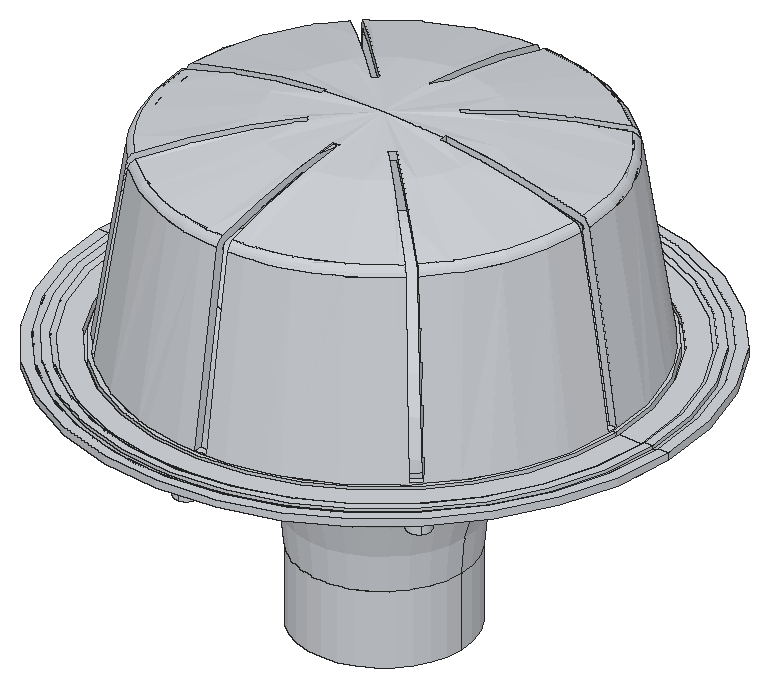
Revit family "R1204-HF", category Plumbing Fixtures, Revit 2023
Family settings
  Round Connector Dimension = Use Diameter
  Part Type = Normal
  OmniClass Number = 23.45.00.00
  OmniClass Title = Sanitary, Laundry, and Cleaning Equipment
  Work Plane-Based = No
  Enable Cutting in Views = No
  Always vertical = Yes
  Cut with Voids When Loaded = No
  Maintain Annotation Orientation = No
  Shared = No
  Room Calculation Point = No
Parameters (values of type "R1204-HF")
  Y = 0' - 7"
  R = 0' - 2.87693"
  PIPE SIZE = 0' - 4 3/8"
  D = 1' - 0 3/4"
  C = 0' - 7"
  Default Elevation = 0' - 0"
  B = 1' - 1.04891"
  A = 1' - 4"
Types (5): name | PIPE SIZE | C | B
  (no name) | 0' - 4 3/8" | 0' - 7" | 1' - 1.04891"
  R1203-HF | 0' - 3 45/128" | 0' - 7" | 1' - 1"
  R1204-HF | 0' - 4 3/8" | 0' - 7" | 1' - 1.04891"
  R1206-HF | 0' - 6 77/256" | 0' - 7 1/2" | 1' - 1.04891"
  R1208-HF | 0' - 8 3/8" | 0' - 7 1/2" | 1' - 1.04891"
Reference planes (in)
  plane 1 "Center (Front/Back)": y = 0
  plane 2: z = 0
  plane 3 "Center (Left/Right)": x = 0
  plane 4: z = -7
  plane 5: x = 2.1875
  plane 6: x = -2.1875
  plane 7: x = 2.01752
  plane 8: x = 8
  plane 9: x = -8
  plane 10: z = 5.75
  plane 11: z = -0.22572
  plane 12: x = -6.52446
  plane 13: x = 6.52446
Forms (in)
  Revolve 1, solid
    sketch origin (0, 0, 0) x (1, 0, 0) y (0, 0, 1)
      loop
        line (2.01752, -7) -> (2.1875, -7) -> (2.1875, -5.0801)
        arc (2.1875, -5.0801) -> (3.55097, -1.7884) -> (6.84266, -0.42494) r 4.65516
        line (6.84266, -0.42494) -> (7.24632, -0.42494) -> (7.76684, -0.19922) -> (8, -0.19922) -> (8, 0) -> (7.7255, 0) -> (7.20498, -0.22572) -> (6.8719, -0.22572)
        arc (6.8719, -0.22572) -> (3.43933, -1.64753) -> (2.01752, -5.0801) r 4.85438
        line (2.01752, -5.0801) -> (2.01752, -7)
      axis (0, 0) -> (0, -7)
    angle from 0 to 360
  Extrusion 2, solid
    sketch origin (0, 0, 0) x (1, 0, 0) y (0, 1, 0)
      loop
        circle (0, 6.94632) r 0.3
    from -0.83087 to -0.42494
  Extrusion 3, solid
    sketch origin (5.01449, 2.13943, 0) x (0.692006, 0.721892, 0) y (-0.721892, 0.692006, 0)
      loop
        circle (0, 6.94632) r 0.3
    from -0.83087 to -0.42494
  Extrusion 4, solid
    sketch origin (6.94011, 7.23984, 0) x (-0.042257, 0.999107, 0) y (-0.999107, -0.042257, 0)
      loop
        circle (0, 6.94632) r 0.3
    from -0.83087 to -0.42494
  Extrusion 5, solid
    sketch origin (4.5907, 12.15945, 0) x (-0.750489, 0.660883, 0) y (-0.660883, -0.750489, 0)
      loop
        circle (0, 6.94632) r 0.3
    from -0.83087 to -0.42494
  Extrusion 6, solid
    sketch origin (-0.58653, 13.86782, 0) x (-0.996429, -0.084438, 0) y (0.084438, -0.996429, 0)
      loop
        circle (0, 6.94632) r 0.3
    from -0.83087 to -0.42494
  Extrusion 7, solid
    sketch origin (-5.40247, 11.31263, 0) x (-0.628579, -0.777745, 0) y (0.777745, -0.628579, 0)
      loop
        circle (0, 6.94632) r 0.3
    from -0.83087 to -0.42494
  Extrusion 8, solid
    sketch origin (-6.89054, 6.06783, 0) x (0.126468, -0.991971, 0) y (0.991971, 0.126468, 0)
      loop
        circle (0, 6.94632) r 0.3
    from -0.83087 to -0.42494
  Extrusion 9, solid
    sketch origin (-0.58175, 9.16295, 0) x (-0.612003, -0.790856, 0) y (0.790856, -0.612003, 0)
      loop
        circle (0, 6.94632) r 0.3
    from -0.83087 to -0.42494
  Extrusion 10, solid
    sketch origin (6.06783, 6.89054, 0) x (-0.991971, -0.126468, 0) y (0.126468, -0.991971, 0)
      loop
        circle (0, 6.94632) r 0.3
    from -0.83087 to -0.42494
  Extrusion 11, solid
    sketch origin (9.16295, 0.58175, 0) x (-0.790856, 0.612003, 0) y (-0.612003, -0.790856, 0)
      loop
        circle (0, 6.94632) r 0.3
    from -0.83087 to -0.42494
  Extrusion 12, solid
    sketch origin (6.89054, -6.06783, 0) x (-0.126468, 0.991971, 0) y (-0.991971, -0.126468, 0)
      loop
        circle (0, 6.94632) r 0.3
    from -0.83087 to -0.42494
  Extrusion 13, solid
    sketch origin (0.58175, -9.16295, 0) x (0.612003, 0.790856, 0) y (-0.790856, 0.612003, 0)
      loop
        circle (0, 6.94632) r 0.3
    from -0.83087 to -0.42494
  Extrusion 14, solid
    sketch origin (-6.06783, -6.89054, 0) x (0.991971, 0.126468, 0) y (-0.126468, 0.991971, 0)
      loop
        circle (0, 6.94632) r 0.3
    from -0.83087 to -0.42494
  Extrusion 15, solid
    sketch origin (-9.16295, -0.58175, 0) x (0.790856, -0.612003, 0) y (0.612003, 0.790856, 0)
      loop
        circle (0, 6.94632) r 0.3
    from -0.83087 to -0.42494
  Revolve 16, solid
    sketch origin (0, 0, 0) x (1, 0, 0) y (0, 0, 1)
      loop
        line (-6.61822, -0.22572) -> (-6.61822, -0.05369) -> (-7.21035, -0.05369) -> (-7.3255, 0) -> (-7.54086, 0) -> (-7.54086, -0.07736) -> (-7.20765, -0.22572) -> (-6.61822, -0.22572)
      axis (0, 0) -> (0, -0.22572)
    angle from 0 to 360
  Revolve 17, solid
    sketch origin (0, 0, 0) x (1, 0, 0) y (0, 0, 1)
      loop
        line (-6.52446, -0.22572) -> (-6.25764, -0.22572) -> (-5.48435, 4.63141)
        arc (-5.48435, 4.63141) -> (-5.46841, 4.73031) -> (-5.40194, 4.80526) r 0.17947
        arc (-5.40194, 4.80526) -> (-2.72753, 5.3705) -> (0, 5.55078) r 19.22697
        line (0, 5.55078) -> (0, 5.75)
        arc (0, 5.75) -> (-2.7674, 5.5661) -> (-5.4804, 4.98999) r 19.42619
        arc (-5.4804, 4.98999) -> (-5.59499, 4.89626) -> (-5.66543, 4.76605) r 0.38262
        line (-5.66543, 4.76605) -> (-6.4239, -0.02137) -> (-6.52446, -0.02137) -> (-6.52446, -0.22572)
      axis (0, 5.75) -> (0, -0.22572)
    angle from 0 to 360
  Extrusion 18, void
    sketch origin (0, 0, 0) x (1, 0, 0) y (0, 1, 0)
      loop
        arc (-0.09267, 1.67182) -> (0, 1.67765) -> (0.09267, 1.67182) r 0.7388
        line (0.09267, 1.67182) -> (0.16332, 6.56618)
        arc (0.16332, 6.56618) -> (0.00015, 6.58052) -> (-0.1634, 6.57154) r 1.15107
        line (-0.1634, 6.57154) -> (-0.09267, 1.67182)
    from 0 to 12
  Extrusion 19, void
    sketch origin (0, 0, 0) x (0, 1, 0) y (-1, 0, 0)
      loop
        arc (-0.09267, 1.67182) -> (0, 1.67765) -> (0.09267, 1.67182) r 0.7388
        line (0.09267, 1.67182) -> (0.16332, 6.56618)
        arc (0.16332, 6.56618) -> (0.00015, 6.58052) -> (-0.1634, 6.57154) r 1.15107
        line (-0.1634, 6.57154) -> (-0.09267, 1.67182)
    from 0 to 12
  Extrusion 20, void
    sketch origin (0, 0, 0) x (-1, 0, 0) y (0, -1, 0)
      loop
        arc (-0.09267, 1.67182) -> (0, 1.67765) -> (0.09267, 1.67182) r 0.7388
        line (0.09267, 1.67182) -> (0.16332, 6.56618)
        arc (0.16332, 6.56618) -> (0.00015, 6.58052) -> (-0.1634, 6.57154) r 1.15107
        line (-0.1634, 6.57154) -> (-0.09267, 1.67182)
    from 0 to 12
  Extrusion 21, void
    sketch origin (0, 0, 0) x (0, -1, 0) y (1, 0, 0)
      loop
        arc (-0.09267, 1.67182) -> (0, 1.67765) -> (0.09267, 1.67182) r 0.7388
        line (0.09267, 1.67182) -> (0.16332, 6.56618)
        arc (0.16332, 6.56618) -> (0.00015, 6.58052) -> (-0.1634, 6.57154) r 1.15107
        line (-0.1634, 6.57154) -> (-0.09267, 1.67182)
    from 0 to 12
  Extrusion 22, void
    sketch origin (0, 0, 0) x (0.707107, 0.707107, 0) y (-0.707107, 0.707107, 0)
      loop
        arc (-0.09267, 1.67182) -> (0, 1.67765) -> (0.09267, 1.67182) r 0.7388
        line (0.09267, 1.67182) -> (0.16332, 6.56618)
        arc (0.16332, 6.56618) -> (0.00015, 6.58052) -> (-0.1634, 6.57154) r 1.15107
        line (-0.1634, 6.57154) -> (-0.09267, 1.67182)
    from 0 to 12
  Extrusion 23, void
    sketch origin (0, 0, 0) x (-0.707107, 0.707107, 0) y (-0.707107, -0.707107, 0)
      loop
        arc (-0.09267, 1.67182) -> (0, 1.67765) -> (0.09267, 1.67182) r 0.7388
        line (0.09267, 1.67182) -> (0.16332, 6.56618)
        arc (0.16332, 6.56618) -> (0.00015, 6.58052) -> (-0.1634, 6.57154) r 1.15107
        line (-0.1634, 6.57154) -> (-0.09267, 1.67182)
    from 0 to 12
  Extrusion 24, void
    sketch origin (0, 0, 0) x (-0.707107, -0.707107, 0) y (0.707107, -0.707107, 0)
      loop
        arc (-0.09267, 1.67182) -> (0, 1.67765) -> (0.09267, 1.67182) r 0.7388
        line (0.09267, 1.67182) -> (0.16332, 6.56618)
        arc (0.16332, 6.56618) -> (0.00015, 6.58052) -> (-0.1634, 6.57154) r 1.15107
        line (-0.1634, 6.57154) -> (-0.09267, 1.67182)
    from 0 to 12
  Extrusion 25, void
    sketch origin (0, 0, 0) x (0.707107, -0.707107, 0) y (0.707107, 0.707107, 0)
      loop
        arc (-0.09267, 1.67182) -> (0, 1.67765) -> (0.09267, 1.67182) r 0.7388
        line (0.09267, 1.67182) -> (0.16332, 6.56618)
        arc (0.16332, 6.56618) -> (0.00015, 6.58052) -> (-0.1634, 6.57154) r 1.15107
        line (-0.1634, 6.57154) -> (-0.09267, 1.67182)
    from 0 to 12
Cuts and joins
  Extrusion 18, Extrusion 19, Extrusion 20, Extrusion 21, Extrusion 22, Extrusion 23, Extrusion 24, Extrusion 25 cuts Revolve 17
Dimensions and locks (in)
  "C": level to plane 4
  equal spacing: plane 6, plane 3 "Center (Left/Right)", plane 5
  locked: plane 5 to plane 7 at 0.16998
  "PIPE SIZE": plane 6 to plane 5
  equal spacing: plane 9, plane 3 "Center (Left/Right)", plane 8
  "A": plane 9 to plane 8
  "D": plane 10 to plane 4
  equal spacing: plane 13, plane 3 "Center (Left/Right)", plane 12
  "B": plane 13 to plane 12
  aligned and locked: level to plane 2
  aligned and locked: plane 4 to Revolve 1
  aligned and locked: Revolve 1 sketch curve to plane 3 "Center (Left/Right)"
  aligned and locked: Revolve 16 sketch curve to plane 3 "Center (Left/Right)"
  aligned and locked: Revolve 17 sketch curve to plane 3 "Center (Left/Right)"
  aligned and locked: Revolve 1 sketch curve to plane 8
  aligned and locked: plane 5 to Revolve 1 sketch curve
  aligned and locked: plane 7 to Revolve 1 sketch curve
  aligned and locked: plane 10 to Revolve 17 sketch curve
  aligned and locked: plane 11 to Revolve 17 sketch curve
Automatic sketch dimensions
  Revolve 16 sketch curve to level = 0' - 0"
  Revolve 16 sketch curve to level = 0' - 0.22572"
  Revolve 16 sketch curve to plane 9 = 0' - 1.38178"
  Revolve 16 sketch curve to Revolve 16 sketch curve = 0' - 0.58943"
  Revolve 16 sketch curve to level = 0' - 0.05369"
  Revolve 16 sketch curve to Revolve 16 sketch curve = 0' - 0.00271"
  Revolve 16 sketch curve to Revolve 16 sketch curve = 0' - 0.11515"
  Revolve 16 sketch curve to Revolve 16 sketch curve = 0' - 0.21536"
  Revolve 16 sketch curve to Revolve 16 sketch curve = 0' - 0.07736"
  Revolve 16 sketch curve to level = 0' - 1.66312"
  level to Revolve 16 sketch curve = 0' - 0.83688"
  Extrusion 18 sketch curve to Extrusion 18 sketch curve = 0' - 0.73296"
  Extrusion 18 sketch curve to Extrusion 18 sketch curve = 0' - 3.75778"
  Extrusion 18 sketch curve to Extrusion 18 sketch curve = 0' - 1.14194"
  Extrusion 18 sketch curve to Extrusion 18 sketch curve = 0' - 0.07073"
  Extrusion 18 sketch curve to Extrusion 18 sketch curve = 0' - 0.14467"
  Extrusion 18 sketch curve to Extrusion 18 sketch curve = 0' - 0.09267"
  Extrusion 18 sketch curve to Extrusion 18 sketch curve = 0' - 0.18534"
  Extrusion 18 sketch curve to Extrusion 18 sketch curve = 0' - 0.32673"
  Extrusion 19 sketch curve to Extrusion 19 sketch curve = 0' - 0.73296"
  Extrusion 19 sketch curve to Extrusion 19 sketch curve = 0' - 3.75778"
  Extrusion 19 sketch curve to Extrusion 19 sketch curve = 0' - 1.14194"
  Extrusion 19 sketch curve to Extrusion 19 sketch curve = 0' - 0.07073"
  Extrusion 19 sketch curve to Extrusion 19 sketch curve = 0' - 0.14467"
  Extrusion 19 sketch curve to Extrusion 19 sketch curve = 0' - 0.09267"
  Extrusion 19 sketch curve to Extrusion 19 sketch curve = 0' - 0.18534"
  Extrusion 19 sketch curve to Extrusion 19 sketch curve = 0' - 0.32673"
  Extrusion 20 sketch curve to Extrusion 20 sketch curve = 0' - 0.73296"
  Extrusion 20 sketch curve to Extrusion 20 sketch curve = 0' - 3.75778"
  Extrusion 20 sketch curve to Extrusion 20 sketch curve = 0' - 1.14194"
  Extrusion 20 sketch curve to Extrusion 20 sketch curve = 0' - 0.07073"
  Extrusion 20 sketch curve to Extrusion 20 sketch curve = 0' - 0.14467"
  Extrusion 20 sketch curve to Extrusion 20 sketch curve = 0' - 0.09267"
  Extrusion 20 sketch curve to Extrusion 20 sketch curve = 0' - 0.18534"
  Extrusion 20 sketch curve to Extrusion 20 sketch curve = 0' - 0.32673"
  Extrusion 21 sketch curve to Extrusion 21 sketch curve = 0' - 0.73296"
  Extrusion 21 sketch curve to Extrusion 21 sketch curve = 0' - 3.75778"
  Extrusion 21 sketch curve to Extrusion 21 sketch curve = 0' - 1.14194"
  Extrusion 21 sketch curve to Extrusion 21 sketch curve = 0' - 0.07073"
  Extrusion 21 sketch curve to Extrusion 21 sketch curve = 0' - 0.14467"
  Extrusion 21 sketch curve to Extrusion 21 sketch curve = 0' - 0.09267"
  Extrusion 21 sketch curve to Extrusion 21 sketch curve = 0' - 0.18534"
  Extrusion 21 sketch curve to Extrusion 21 sketch curve = 0' - 0.32673"
  Extrusion 22 sketch curve to Extrusion 22 sketch curve = 0' - 0.73296"
  Extrusion 22 sketch curve to Extrusion 22 sketch curve = 0' - 3.75778"
  Extrusion 22 sketch curve to Extrusion 22 sketch curve = 0' - 1.14194"
  Extrusion 22 sketch curve to Extrusion 22 sketch curve = 0' - 0.07073"
  Extrusion 22 sketch curve to Extrusion 22 sketch curve = 0' - 0.14467"
  Extrusion 22 sketch curve to Extrusion 22 sketch curve = 0' - 0.09267"
  Extrusion 22 sketch curve to Extrusion 22 sketch curve = 0' - 0.18534"
  Extrusion 22 sketch curve to Extrusion 22 sketch curve = 0' - 0.32673"
  Extrusion 23 sketch curve to Extrusion 23 sketch curve = 0' - 0.73296"
  Extrusion 23 sketch curve to Extrusion 23 sketch curve = 0' - 3.75778"
  Extrusion 23 sketch curve to Extrusion 23 sketch curve = 0' - 1.14194"
  Extrusion 23 sketch curve to Extrusion 23 sketch curve = 0' - 0.07073"
  Extrusion 23 sketch curve to Extrusion 23 sketch curve = 0' - 0.14467"
  Extrusion 23 sketch curve to Extrusion 23 sketch curve = 0' - 0.09267"
  Extrusion 23 sketch curve to Extrusion 23 sketch curve = 0' - 0.18534"
  Extrusion 23 sketch curve to Extrusion 23 sketch curve = 0' - 0.32673"
  Extrusion 24 sketch curve to Extrusion 24 sketch curve = 0' - 0.73296"
  Extrusion 24 sketch curve to Extrusion 24 sketch curve = 0' - 3.75778"
  Extrusion 24 sketch curve to Extrusion 24 sketch curve = 0' - 1.14194"
  Extrusion 24 sketch curve to Extrusion 24 sketch curve = 0' - 0.07073"
  Extrusion 24 sketch curve to Extrusion 24 sketch curve = 0' - 0.14467"
  Extrusion 24 sketch curve to Extrusion 24 sketch curve = 0' - 0.09267"
  Extrusion 24 sketch curve to Extrusion 24 sketch curve = 0' - 0.18534"
  Extrusion 24 sketch curve to Extrusion 24 sketch curve = 0' - 0.32673"
  Extrusion 25 sketch curve to Extrusion 25 sketch curve = 0' - 0.73296"
  Extrusion 25 sketch curve to Extrusion 25 sketch curve = 0' - 3.75778"
  Extrusion 25 sketch curve to Extrusion 25 sketch curve = 0' - 1.14194"
  Extrusion 25 sketch curve to Extrusion 25 sketch curve = 0' - 0.07073"
  Extrusion 25 sketch curve to Extrusion 25 sketch curve = 0' - 0.14467"
  Extrusion 25 sketch curve to Extrusion 25 sketch curve = 0' - 0.09267"
  Extrusion 25 sketch curve to Extrusion 25 sketch curve = 0' - 0.18534"
  Extrusion 25 sketch curve to Extrusion 25 sketch curve = 0' - 0.32673"
  Revolve 1 sketch curve to plane 11 = 0' - 0"
  Revolve 1 sketch curve to level = 0' - 0"
  Revolve 1 sketch curve to plane 4 = 0' - 0"
  Revolve 1 sketch curve to plane 8 = 0' - 1.15734"
  Revolve 1 sketch curve to Revolve 1 sketch curve = 0' - 0.02923"
  Revolve 1 sketch curve to Revolve 1 sketch curve = 0' - 0.33308"
  plane 11 to Revolve 1 sketch curve = 0' - 0 51/256"
  Revolve 1 sketch curve to Revolve 1 sketch curve = 0' - 0.04134"  (x2)
  Revolve 1 sketch curve to plane 11 = 0' - 0.0265"
  Revolve 1 sketch curve to plane 8 = 0' - 0.23316"
  Revolve 1 sketch curve to Revolve 1 sketch curve = 0' - 0"
  plane 4 to Revolve 1 sketch curve = 0' - 0.17855"
  plane 11 to Revolve 1 sketch curve = 0' - 1.12227"
  Revolve 17 sketch curve to Revolve 17 sketch curve = 0' - 0"  (x2)
  Revolve 17 sketch curve to plane 12 = 0' - 0"
  Revolve 17 sketch curve to plane 3 "Center (Left/Right)" = 0' - 0"
  Revolve 17 sketch curve to level = 0' - 0.02137"
  plane 12 to Revolve 17 sketch curve = 0' - 0.10056"
  Revolve 17 sketch curve to Revolve 17 sketch curve = 0' - 0.16626"
  plane 12 to Revolve 17 sketch curve = 0' - 0.85903"
  Revolve 17 sketch curve to Revolve 17 sketch curve = 0' - 0.18107"
  Revolve 17 sketch curve to Revolve 17 sketch curve = 0' - 0.17811"
  Revolve 17 sketch curve to Revolve 17 sketch curve = 0' - 0.00621"
  Revolve 17 sketch curve to plane 3 "Center (Left/Right)" = 0' - 0.09894"
  Revolve 17 sketch curve to plane 4 = 0' - 6.67594"
  Revolve 17 sketch curve to plane 10 = 0' - 1.11859"
  Revolve 17 sketch curve to Revolve 17 sketch curve = 0' - 0.02113"
  Revolve 17 sketch curve to Revolve 17 sketch curve = 0' - 0.00089"
  Revolve 17 sketch curve to Revolve 17 sketch curve = 0' - 0.13463"
  Revolve 17 sketch curve to Revolve 17 sketch curve = 0' - 0 51/256"
  level to Revolve 17 sketch curve = 0' - 2.14317"
  Revolve 17 sketch curve to Revolve 17 sketch curve = 0' - 1 1/2"
  radius of Extrusion 2 sketch curve = 0' - 0.3"
  radius of Extrusion 3 sketch curve = 0' - 0.3"
  radius of Extrusion 4 sketch curve = 0' - 0.3"
  radius of Extrusion 5 sketch curve = 0' - 0.3"
  radius of Extrusion 6 sketch curve = 0' - 0.3"
  radius of Extrusion 7 sketch curve = 0' - 0.3"
  radius of Extrusion 8 sketch curve = 0' - 0.3"
  radius of Extrusion 9 sketch curve = 0' - 0.3"
  radius of Extrusion 10 sketch curve = 0' - 0.3"
  radius of Extrusion 11 sketch curve = 0' - 0.3"
  radius of Extrusion 12 sketch curve = 0' - 0.3"
  radius of Extrusion 13 sketch curve = 0' - 0.3"
  radius of Extrusion 14 sketch curve = 0' - 0.3"
  radius of Extrusion 15 sketch curve = 0' - 0.3"
Connectors (in)
  piping at (0, 0, -7), diameter 4.375, driven by "PIPE SIZE"
    settings: on Revolve 1, index 1, connector inside diameter 24", connector length 0' - 0", flow factor 0, pipe flow 0 GPM, pressure drop 0.00 psi, fitting loss kfactor 0, connector angle 0.00°, fixture units 0, engagement length 0' - 0", angle of deflection 0.00°, flow configuration 0, flow direction 0, fitting loss method 0, system type 7, joint type 0, gender type 0, connector reference index -1, connector utility 0, adjustable connector no, is connector primary yes, connector description ""
